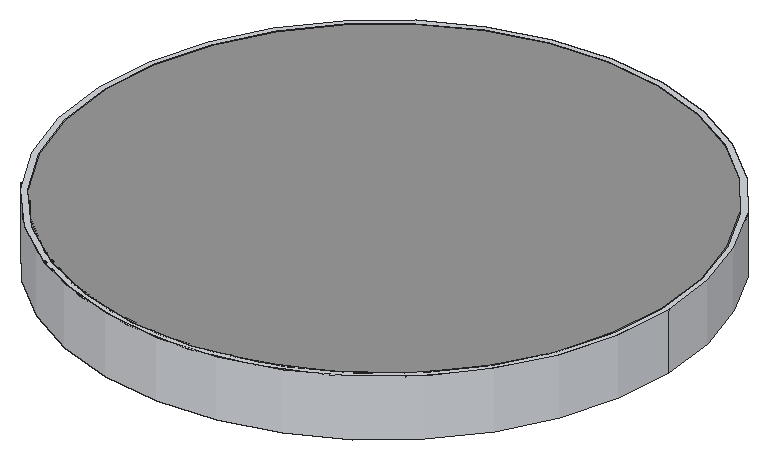
Revit family "2071191", category Lighting Fixtures, host Face, Revit 2018
Family settings
  Host = Face
  Round Connector Dimension = Use Diameter
  Part Type = Normal
  OmniClass Number = 23.80.70.00
  OmniClass Title = Lighting
  Cut with Voids When Loaded = No
  Light Source = Yes
  Shared = No
  Room Calculation Point = No
Parameters (values of type "2071191 COLOSSAL 600 940 PR DIR WHT")
  iner diameter = 588 mm
  Weight = "n/a"
  Wattage Comments = ""
  Wattage = 30 W
  WarrantyStartDate [instance] = "n/a"
  WarrantyGuarantorParts = "n/a"
  WarrantyDurationUnit = "n/a"
  WarrantyDurationParts = ""
  WarrantyDescription = "http://www.sylvania-lighting.com"
  built-in parameter 1150110 = 1 (stored number, unit not read)
  Voltage = 230 V
  URL = "0.95"
  TypeName = "COLOSSAL 600mm 940 PRISM DIR WHITE"
  Type Image = <None>
  Type Comments = "n/a"
  built-in parameter 1114217 = 1 (stored number, unit not read)
  Tilt Angle = -90.00°
  built-in parameter 1150109 = 1 (stored number, unit not read)
  built-in parameter 1150134 = (empty or 0)
  built-in parameter 1150113 = 1 (stored number, unit not read)
  SerialNumber [instance] = "n/a"
  Photometric Web File = "2071191.ies"
  Material_3_SYL = LED-Sylvania
  PowerFactor = 0
  PowerConsumption = "Lighting"
  NominalLength = 600 mm
  NominalHeight = 93 mm
  NominalDepth = 600 mm
  Name = "COLOSSAL 600mm 940 PRISM DIR WHITE"
  ModelReference = Name  # "COLOSSAL 600mm 940 PRISM DIR WHITE"
  ModelNumber = "2071191"
  Model = Name  # "COLOSSAL 600mm 940 PRISM DIR WHITE"
  Material = "Feilo Sylvania"
  ManufacturerName = "109 lm/W"
  Manufacturer = ""
  LuminousEfficacy = ""
  built-in parameter 1150105 = 270.44 (stored number, unit not read)
  Lumens = 3398.4 lm
  LuminaireType = "0"
  built-in parameter 1150115 = 1 (stored number, unit not read)
  LightOutputRatio = "LED"
  built-in parameter 1150137 = (empty or 0)
  built-in parameter 1150139 = (empty or 0)
  LampsType = Lamp  # "n/a"
  LampNominalLuminous = "4000 K"
  LampMacAdamStep = "90"
  LampColourTemperature = "LED"
  LampColourRenderingIndex = "16500"
  built-in parameter 1150112 = 1 (stored number, unit not read)
  built-in parameter 1150114 = 1 (stored number, unit not read)
  Lamp = "n/a"
  Keynote = "n/a"
  InstallationDate [instance] = "n/a"
  InputVoltage = "0"
  InputNominalFrequency = "4000"
  built-in parameter 1150132 = (empty or 0)
  built-in parameter 1150102 = (empty or 0)
  built-in parameter 1150107 = 3000 (stored number, unit not read)
  built-in parameter 1150138 = (empty or 0)
  IngressProtection = "IfcLightFixtureType"
  ImpactProtectionIndex = "IfcLightFixtureType"
  built-in parameter 1150106 = 2.7044 (stored number, unit not read)
  IfcExportType = "IfcLightFixtureType"
  IfcExportAs = "Class I"
  Emit from Circle Diameter = 385 mm
  Emit Shape Visible in Rendering = no
  ElectricShockClassification = "109"
  built-in parameter 1150104 = 10.524 (stored number, unit not read)
  DocumentationLiterature = "http://www.sylvania-lighting.com/product/en-int/products/2071191"
  DimmingControlOptions = "n/a"
  Material_2_SYL = Polycarbonate_Sylvania_White
  Dimming Lamp Color Temperature Shift = <None>
  Description = "600mm diameter circular architectural luminaire, can be surface mounted or suspended. Powder coated aluminium housing (RAL9016) with PMMA prismatic diffuser. Direct light distribution, 3400lm luminuous flux, 31.3W system power, 109lm/W luminiaire efficacy. Constant current driver. Colour rendering index Ra >90, 4000K Neutral White LED, chromaticity tolerance of 3-step MacAdam ellipse. IP40, IK03. 350mA drive current. UGR≤19. Electrical protection Class1, 220-240V. Reported lifetime 66k hours L90B10."
  Default Elevation = 1219.2 mm
  CreatedOn = "23/03/2022"
  CreatedBy = "@sylvania-lighting.com"
  Cost = 0
  Color Filter = 16777215
  built-in parameter 1114216 [instance] = (empty or 0)
  ClassificationValue = "EF_70_80"
  ClassificationName = "Uniclass2015"
  Material_1_SYL = Polycarbonate_Sylvania_Opal
  BarCode [instance] = "n/a"
  built-in parameter 1114218 = 1 (stored number, unit not read)
  built-in parameter 1150133 = 10 (stored number, unit not read)
  AssetType = "Fixed"
  AssetIdentifier [instance] = "n/a"
  Assembly Code = "D5020200"
  Apparent Load = 31.3 VA
  Material_4_SYL = none
Reference planes
  plane 1 "Center (Front/Back)": y = 0
  plane 2: z = 0
  plane 3 "Center (Left/Right)": x = 0
  plane 4: x = -300
  plane 5: x = 300
  plane 6: y = 300
  plane 7: y = -300
  plane 8: y = 212
  plane 9: y = -212
  plane 10: z = 93
  plane 11: y = 294
  plane 12: y = -294
  plane 13: through (0, 0, 1219.2) normal (0.5, -0.866, 0)
  plane 14: through (-134.29, 20.617, 1219.2) normal (0.5, -0.866, 0)
  plane 15: through (-144.685, -181.683, 1219.2) normal (-0.5, 0.866, 0)
  plane 16: through (0, 0, 1219.2) normal (0.5, 0.866, 0)
  plane 17: through (178.555, -4.939, 1219.2) normal (0.5, 0.866, 0)
  plane 18: through (87.581, -148.715, 1219.2) normal (0.5, 0.866, 0)
  plane 19: y = 272
  plane 20: through (105.168, 227.067, 1219.2) normal (0.866, 0.5, 0)
  plane 21: through (-104.171, 225.672, 1219.2) normal (0.8572, -0.515, 0)
  plane 22: y = -204.612
  plane 23: through (-296.643, -30.2, 1219.2) normal (0.866, 0.5, 0)
  plane 24: through (153.092, -278.837, 1219.2) normal (-0.866, 0.5, 0)
Forms (mm)
  Extrusion 1, solid, detail levels medium+fine
    sketch origin (0, 0, 0) x (1, 0, 0) y (0, 1, 0)
      loop
        circle (0, 0) r 300
    from 33.023 to 93
  Extrusion 2, void
    sketch origin (0, 0, 0) x (1, 0, 0) y (0, 1, 0)
      loop
        circle (0, 0) r 294
    from 93 to 37.292
  Extrusion 3, solid, material "Glass, White, High Luminance", detail levels fine
    sketch origin (0, 0, 0) x (1, 0, 0) y (0, 1, 0)
      loop
        circle (0, 0) r 294
    from 88.026 to 93
  Extrusion 4, solid, detail levels coarse
    sketch origin (0, 0, 0) x (1, 0, 0) y (0, 1, 0)
      loop
        line (-300, 300) -> (-300, -300) -> (300, -300) -> (300, 300) -> (-300, 300)
    from 0 to 93
  Blend 5, solid, detail levels medium+fine
    base sketch origin (0, 0, 0) x (1, 0, 0) y (0, 1, 0)
      loop
        line (-76.334, 272) -> (-277.665, -63.07) -> (-195.946, -204.612) -> (195.946, -204.612) -> (275.172, -67.388) -> (79.226, 272) -> (-76.334, 272)
    top sketch origin (0, 0, 0) x (1, 0, 0) y (0, 1, 0)
      loop
        line (-226.097, -32.388) -> (-141.097, -179.612) -> (141.097, -179.612) -> (226.097, -32.388) -> (85, 212) -> (-85, 212) -> (-226.097, -32.388)
    from 33.023 to 0
Cuts and joins
  Extrusion 2 cuts Extrusion 1
Lines and regions (mm)
  model lines
    curve 1: line (-85, 212, 0) -> (0, 212, 0)
    curve 2: line (0, 212, 0) -> (85, 212, 0)
Dimensions and locks
  "NominalDepth": plane 6 to plane 7
  "NominalLength": plane 4 to plane 5
  equal spacing: plane 4, plane 3 "Center (Left/Right)", plane 5
  "iner diameter": plane 11 to plane 12
  equal spacing: plane 11, plane 1 "Center (Front/Back)", plane 12
  equal spacing: plane 6, plane 1 "Center (Front/Back)", plane 7
  "NominalHeight": plane 10 to level
  radius of Extrusion 2 sketch curve = 294 mm
  aligned and locked: plane 2 to host face
  aligned and locked: level to host face
Automatic sketch dimensions
  host sketch curve to host sketch curve = 2438.4 mm  (x2)
  plane 1 "Center (Front/Back)" to Extrusion 1 sketch curve = 0 mm
  Extrusion 1 sketch curve to plane 3 "Center (Left/Right)" = 0 mm
  plane 1 "Center (Front/Back)" to Extrusion 2 sketch curve = 0 mm
  Extrusion 2 sketch curve to plane 3 "Center (Left/Right)" = 0 mm
  plane 1 "Center (Front/Back)" to Extrusion 3 sketch curve = 0 mm
  Extrusion 3 sketch curve to plane 3 "Center (Left/Right)" = 0 mm
  Extrusion 4 sketch curve to plane 4 = 0 mm
  Extrusion 4 sketch curve to plane 5 = 0 mm
  Extrusion 4 sketch curve to plane 7 = 0 mm
  Extrusion 4 sketch curve to plane 6 = 0 mm
  Blend 5 sketch curve to plane 8 = 0 mm
  Blend 5 sketch curve to plane 3 "Center (Left/Right)" = 85 mm
  plane 3 "Center (Left/Right)" to Blend 5 sketch curve = 85 mm
  plane 9 to Blend 5 sketch curve = 32.388 mm
  plane 3 "Center (Left/Right)" to Blend 5 sketch curve = 141.097 mm
  plane 1 "Center (Front/Back)" to Blend 5 sketch curve = 32.388 mm  (x2)
  Blend 5 sketch curve to plane 5 = 73.903 mm
  Blend 5 sketch curve to plane 3 "Center (Left/Right)" = 141.097 mm
  plane 4 to Blend 5 sketch curve = 73.903 mm
  curve 1 to plane 8 = 0 mm
  curve 2 to plane 3 "Center (Left/Right)" = 0 mm
  curve 1 to plane 3 "Center (Left/Right)" = 85 mm
  curve 1 to curve 2 = 85 mm
  Blend 5 sketch curve to plane 21 = 0 mm
  Blend 5 sketch curve to plane 23 = 0 mm  (x2)
  Blend 5 sketch curve to plane 22 = 0 mm
  Blend 5 sketch curve to plane 19 = 0 mm
  plane 21 to Blend 5 sketch curve = 0 mm
  Blend 5 sketch curve to plane 20 = 0 mm  (x2)
  Blend 5 sketch curve to plane 24 = 0 mm  (x2)
  radius of Extrusion 1 sketch curve = 300 mm
  radius of Extrusion 3 sketch curve = 294 mm
Connectors
  electrical at (0, 0, 0), driven by "Apparent Load", driven by "PowerFactor", driven by "Voltage"
    settings: index 1, voltage 230 V, apparent load 31.3 VA, apparent load phase1 0 VA, apparent load phase2 0 VA, apparent load phase3 0 VA, power factor 0, load classification "Lighting", number of poles 1, system type 30, power factor state 1, is connector primary yes, connector utility no, sub classification motor no, connector description ""
